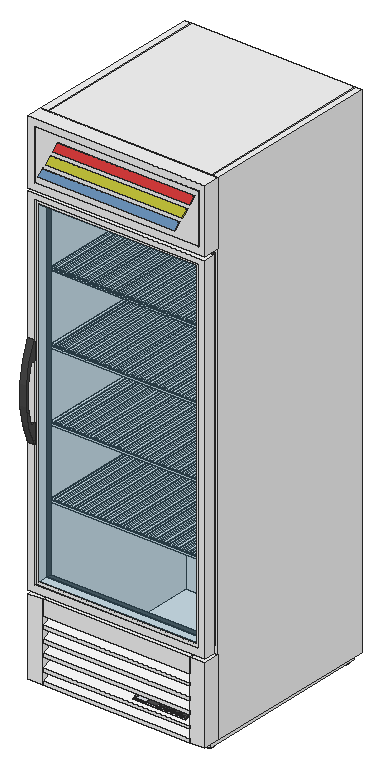
Revit family "QF_TRUE_GDM-23F-HC~TSL01", category Specialty Equipment, Revit 2016 (continued)
Definition of nested family "CASTER-LEGS"
  Nested families (in)
    nested 4: "6 Inches Leg & Caster" at (0, 0, 0), Show Casters <- "Show 6" Casters", type "6 Inches Leg & Caster"
      with Type Mark "", Status "", Specification by User "", Show Casters yes, Revision Code "", Item Number "", Installed By "", Identify Quantity as Lot yes, Furnished By "", Foodservice Equipment Identifier yes
    nested 5: "C2.5" at (0, -0.86941, 0), 2.5 Inches Caster <- "Show 2.5 Casters", type "C2.5"
      with Type Mark "", Status "", Specification by User "", Revision Code "", Item Number "", Installed By "", Identify Quantity as Lot yes, Furnished By "", Foodservice Equipment Identifier yes, 2.5 Inches Caster yes
  Definition of nested family "PITCO_5 INCHES CASTER"
    Parameters (values of type "PITCO_5 INCHES CASTER")
      Weight = ""
      URL Manufacturer = ""
      URL Cutsheet = ""
      URL = ""
      Type Mark [instance] = ""
      Status [instance] = ""
      Specification by User [instance] = ""
      Specification by Manufacturer = ""
      Show Casters [instance] = yes
      Rubber = none
      Chrome = none
      Serial Number = ""
      Seismic Rating = ""
      SMACNA No = ""
      Revision Code [instance] = ""
      Omniclass Number and Title = ""
      NAFEM Spec ID Number = ""
      Model = ""
      MasterSpec. = ""
      Manufacturer = ""
      Item Number [instance] = ""
      Installed By [instance] = ""
      Identify Quantity as Lot [instance] = yes
      Furnished By [instance] = ""
      Foodservice Equipment Identifier [instance] = yes
      Description = ""
      CSI MasterFormat = ""
      CSI Master Format = ""
      Assembly Code = ""
    Reference planes (in)
      plane 1: z = 0
      plane 2 "RIGHT": x = 0
      plane 3 "FRONT": y = 0
      plane 4 "TOP": z = 5
      plane 5: z = 5.0625
    Forms (in)
      Revolve 1, solid, visible <- "Show Casters"
        sketch origin (-180, 1.0625, -34.67466) x (0, 0, -1) y (-1, 0, 0)
          loop
            line (-34.67466, -180.64009) -> (-34.67466, -179.35991) -> (-35.17466, -179.35991) -> (-35.17466, -179.48491) -> (-35.42466, -179.48491) -> (-35.42466, -179.64009) -> (-36.48519, -179.60306) -> (-36.48519, -178.85852) -> (-36.5316, -178.85852) -> (-36.5316, -178.71719) -> (-36.70591, -178.71719) -> (-36.70591, -181.28281) -> (-36.5316, -181.28281) -> (-36.5316, -181.14148) -> (-36.48519, -181.14148) -> (-36.48519, -180.39694) -> (-35.42466, -180.35991) -> (-35.42466, -180.51509) -> (-35.17466, -180.51509) -> (-35.17466, -180.64009) -> (-34.67466, -180.64009)
          axis (-36.70591, -181.28281) -> (-36.70591, -178.71719)
        angle from 0 to 360
      Extrusion 2, solid, visible <- "Show Casters"
        sketch origin (0, 0, -1.11142) x (0, -1, 0) y (1, 0, 0)
          loop
            circle (0, 0) r 1.5
        from 5.61142 to 6.17392
      Extrusion 3, solid, visible <- "Show Casters"
        sketch origin (0, 0, 0.289) x (0, -1, 0) y (0, 0, 1)
          loop
            arc (0.91808, 3.59427) -> (1.13645, 3.7909) -> (1.42156, 3.86198) r 0.60732
            line (1.42156, 3.86198) -> (1.46208, 3.86198) -> (1.43155, 4.211) -> (-1.43155, 4.211)
            arc (-1.43155, 4.211) -> (-1.62474, 4.13098) -> (-1.70476, 3.93778) r 0.27322
            line (-1.70476, 3.93778) -> (-1.70476, 3.78861) -> (-1.76351, 2.11371) -> (-1.82446, 1.68005)
            arc (-1.82446, 1.68005) -> (-1.73191, 1.41127) -> (-1.46007, 1.32816) r 0.31307
            line (-1.46007, 1.32816) -> (-0.60834, 1.47835)
            arc (-0.60834, 1.47835) -> (-0.50841, 1.51771) -> (-0.43181, 1.59299) r 0.26936
            line (-0.43181, 1.59299) -> (0.91808, 3.59427)
        from 0.84601 to 1.05998
      Extrusion 4, solid, visible <- "Show Casters"
        sketch origin (0, 0, -0.82242) x (0, -1, 0) y (0, 0, -1)
          loop
            line (1.43155, -5.32242) -> (1.46208, -4.9734) -> (1.42156, -4.9734)
            arc (1.42156, -4.9734) -> (1.13645, -4.90232) -> (0.91808, -4.70569) r 0.60732
            line (0.91808, -4.70569) -> (-0.43181, -2.70441)
            arc (-0.43181, -2.70441) -> (-0.50841, -2.62913) -> (-0.60834, -2.58977) r 0.26936
            line (-0.60834, -2.58977) -> (-1.46007, -2.43958)
            arc (-1.46007, -2.43958) -> (-1.73191, -2.52269) -> (-1.82446, -2.79147) r 0.31307
            line (-1.82446, -2.79147) -> (-1.76351, -3.22513) -> (-1.70476, -4.90003) -> (-1.70476, -5.0492)
            arc (-1.70476, -5.0492) -> (-1.62474, -5.2424) -> (-1.43155, -5.32242) r 0.27322
            line (-1.43155, -5.32242) -> (1.43155, -5.32242)
        from 0.84601 to 1.05998
      Extrusion 5, solid, visible <- "Show Casters"
        sketch origin (-0.84601, 0, 0.289) x (0, 1, 0) y (0, 0, 1)
          loop
            line (1.43155, 4.211) -> (-1.43155, 4.211) -> (-1.46208, 3.86198) -> (-1.42156, 3.86198)
            arc (-1.42156, 3.86198) -> (-1.13645, 3.7909) -> (-0.91808, 3.59427) r 0.60732
            arc (-0.91808, 3.59427) -> (0.37927, 3.88135) -> (1.70476, 3.78861) r 4.63574
            line (1.70476, 3.78861) -> (1.70476, 3.93778)
            arc (1.70476, 3.93778) -> (1.62474, 4.13098) -> (1.43155, 4.211) r 0.27322
        from 0 to 1.69203
    Cuts and joins
      joined: Extrusion 3, Extrusion 4, Extrusion 5
    Lines and regions (in)
      symbolic lines, visible <- "Show Casters"
        curve 1: line (0.70901, 2.6399, 0) -> (1.79507, 2.01286, 0)
        curve 2: line (-1.79099, -1.69023, 0) -> (0.70901, 2.6399, 0)
        curve 3: line (-0.70493, -2.31727, 0) -> (-1.79099, -1.69023, 0)
        curve 4: line (1.79507, 2.01286, 0) -> (-0.70493, -2.31727, 0)
    Dimensions and locks (in)
      plane 4 "TOP" to level = 5"  (x2)
      plane 5 to level = 5 1/16"
      aligned and locked: level to plane 1
  Definition of nested family "2.13"
    Parameters
      Weight = ""
      URL Manufacturer = ""
      URL Cutsheet = ""
      URL = ""
      Type Mark [instance] = ""
      Status [instance] = ""
      Specification by User [instance] = ""
      Specification by Manufacturer = ""
      Serial Number = ""
      Seismic Rating = ""
      SMACNA No = ""
      Revision Code [instance] = ""
      Omniclass Number and Title = ""
      NAFEM Spec ID Number = ""
      Model = ""
      MasterSpec. = ""
      Manufacturer = ""
      Item Number [instance] = ""
      Installed By [instance] = ""
      Identify Quantity as Lot [instance] = yes
      Furnished By [instance] = ""
      Foodservice Equipment Identifier [instance] = yes
      Description = ""
      CSI MasterFormat = ""
      CSI Master Format = ""
      Assembly Code = ""
      2.5 Inches Caster [instance] = yes
    Reference planes (in)
      plane 1: z = 0
      plane 2 "RIGHT": x = 0
      plane 3 "FRONT": y = 0
      plane 4 "TOP": z = 2.125
    Forms (in)
      Revolve 1, solid, visible <- "2.5 Inches Caster"
        sketch origin (-1.93794, 0.83816, -1.0041) x (1, 0, 0) y (0, 0, 1)
          loop
            line (0.74055, 1.76972) -> (0.74055, 1.69422) -> (0.79055, 1.64422) -> (0.85055, 1.64422) -> (0.85055, 1.52415) -> (1.235, 1.52415) -> (1.235, 1.4568) -> (1.38673, 1.3692) -> (1.4003, 1.28535) -> (1.34375, 1.28535) -> (1.34375, 1.16035) -> (1.375, 1.16035) -> (1.375, 1.0041) -> (1.87544, 1.0041) -> (1.87544, 1.52415) -> (2.00044, 1.52415) -> (2.00044, 1.0041) -> (2.48438, 1.0041) -> (2.48438, 1.16035) -> (2.51563, 1.16035) -> (2.51563, 1.28535) -> (2.45908, 1.28535) -> (2.47322, 1.37272) -> (2.62438, 1.45999) -> (2.62438, 1.52415) -> (3.04007, 1.52415) -> (3.04007, 1.64422) -> (3.10007, 1.64422) -> (3.15007, 1.69422) -> (3.15007, 1.76972) -> (0.74055, 1.76972)
          axis (0.74055, 1.76972) -> (3.15007, 1.76972)
        angle from 0 to 360
      Extrusion 2, solid, visible <- "2.5 Inches Caster"
        sketch origin (-1.93794, 1.80294, -3.6291) x (0, 1, 0) y (0, 0, 1)
          loop
            line (-0.64294, 5.43229) -> (-0.64294, 5.55298) -> (-2.21294, 5.55298) -> (-2.21294, 5.30272) -> (-1.81966, 5.30272)
            arc (-1.81966, 5.30272) -> (-1.13638, 5.20789) -> (-0.46376, 5.05475) r 8.02767
            arc (-0.46376, 5.05475) -> (-0.19511, 4.95469) -> (0.05138, 4.80832) r 1.60049
            line (0.05138, 4.80832) -> (0.12713, 4.91318)
            arc (0.12713, 4.91318) -> (-0.07255, 5.06376) -> (-0.29048, 5.18644) r 1.8753
            line (-0.29048, 5.18644) -> (-0.22239, 5.30423)
            arc (-0.22239, 5.30423) -> (-0.42776, 5.38437) -> (-0.64294, 5.43229) r 1.44292
        from 1.17357 to 2.70231
      Revolve 3, solid, visible <- "2.5 Inches Caster"
        sketch origin (0, 2.10856, -4.125) x (0, 1, 0) y (0, 0, 1)
          loop
            line (-1.73858, 6.25) -> (-1.73858, 6.04889) -> (-1.05793, 6.04889) -> (-1.05793, 6.25) -> (-1.73858, 6.25)
          axis (-1.73858, 6.04889) -> (-1.73858, 6.25)
        angle from 0 to 360
      Extrusion 4, solid, visible <- "2.5 Inches Caster"
        sketch origin (-1.98481, 1.80294, -2.1291) x (0, 1, 0) y (0, 0, 1)
          loop
            line (-2.21294, 4.05298) -> (-2.21294, 3.80272) -> (-2.13999, 3.80272)
            arc (-2.13999, 3.80272) -> (-1.62379, 3.51899) -> (-1.39241, 2.97729) r 0.90292
            arc (-1.39241, 2.97729) -> (-1.36136, 2.78161) -> (-1.29729, 2.59413) r 1.15385
            arc (-1.29729, 2.59413) -> (-0.94802, 2.37355) -> (-0.6121, 2.61396) r 0.37001
            arc (-0.6121, 2.61396) -> (-0.59625, 2.66241) -> (-0.58446, 2.712) r 0.61695
            arc (-0.58446, 2.712) -> (-0.36134, 3.11665) -> (0.05609, 3.31484) r 0.75313
            line (0.05609, 3.31484) -> (0.12713, 3.41318)
            arc (0.12713, 3.41318) -> (-0.07255, 3.56376) -> (-0.29048, 3.68644) r 1.8753
            line (-0.29048, 3.68644) -> (-0.22239, 3.80423)
            arc (-0.22239, 3.80423) -> (-0.42776, 3.88437) -> (-0.64294, 3.93229) r 1.44292
            line (-0.64294, 3.93229) -> (-0.64294, 4.05298) -> (-2.21294, 4.05298)
        from 2.74918 to 2.90825
      Extrusion 5, solid, visible <- "2.5 Inches Caster"
        sketch origin (1.98481, 1.80294, -2.1291) x (0, 1, 0) y (0, 0, -1)
          loop
            line (-2.21294, -4.05298) -> (-0.64294, -4.05298) -> (-0.64294, -3.93229)
            arc (-0.64294, -3.93229) -> (-0.42776, -3.88437) -> (-0.22239, -3.80423) r 1.44292
            line (-0.22239, -3.80423) -> (-0.29048, -3.68644)
            arc (-0.29048, -3.68644) -> (-0.07255, -3.56376) -> (0.12713, -3.41318) r 1.8753
            line (0.12713, -3.41318) -> (0.05609, -3.31484)
            arc (0.05609, -3.31484) -> (-0.36134, -3.11665) -> (-0.58446, -2.712) r 0.75313
            arc (-0.58446, -2.712) -> (-0.59625, -2.66241) -> (-0.6121, -2.61396) r 0.61695
            arc (-0.6121, -2.61396) -> (-0.94802, -2.37355) -> (-1.29729, -2.59413) r 0.37001
            arc (-1.29729, -2.59413) -> (-1.36136, -2.78161) -> (-1.39241, -2.97729) r 1.15385
            arc (-1.39241, -2.97729) -> (-1.62379, -3.51899) -> (-2.13999, -3.80272) r 0.90292
            line (-2.13999, -3.80272) -> (-2.21294, -3.80272) -> (-2.21294, -4.05298)
        from 2.74918 to 2.90825
    Lines and regions (in)
      symbolic lines, visible <- "2.5 Inches Caster"
        curve 1: line (0.10651, 1.27186, 0) -> (0.80944, 0.86603, 0)
        curve 2: line (-0.89349, -0.46019, 0) -> (0.10651, 1.27186, 0)
        curve 3: line (-0.19056, -0.86603, 0) -> (-0.89349, -0.46019, 0)
        curve 4: line (0.80944, 0.86603, 0) -> (-0.19056, -0.86603, 0)
    Dimensions and locks (in)
      plane 4 "TOP" to level = 2 1/8"  (x2)
      aligned and locked: level to plane 1
  Definition of nested family "C4"
    Parameters
      Weight = ""
      URL Manufacturer = ""
      URL Cutsheet = ""
      URL = ""
      Type Mark [instance] = ""
      Specification by User [instance] = ""
      Specification by Manufacturer = ""
      Show 4 Inches Casters [instance] = yes
      Serial Number = ""
      Seismic Rating = ""
      SMACNA No = ""
      Revision Code [instance] = ""
      Omniclass Number and Title = ""
      NAFEM Spec ID Number = ""
      Model = ""
      MasterSpec. = ""
      Manufacturer = ""
      Item Number [instance] = ""
      Installed By [instance] = ""
      Identify Quantity as Lot [instance] = yes
      Furnished By [instance] = ""
      Foodservice Equipment Identifier [instance] = yes
      Description = ""
      CSI MasterFormat = ""
      CSI Master Format = ""
      Assembly Code = ""
    Reference planes (in)
      plane 1: z = 0
      plane 2 "RIGHT": x = 0
      plane 3 "FRONT": y = 0
      plane 4 "TOP": z = 4
    Forms (in)
      Revolve 1, solid, visible <- "Show 4 Inches Casters"
        sketch origin (-1.93794, 0.83816, -1.0041) x (1, 0, 0) y (0, 0, 1)
          loop
            line (0.74055, 2.5041) -> (3.15007, 2.5041) -> (3.15007, 2.5796) -> (3.10007, 2.6296) -> (3.04007, 2.6296) -> (3.04007, 2.74967) -> (2.62438, 2.74967) -> (2.62438, 2.93884) -> (2.48438, 3.01967) -> (2.45908, 3.17597) -> (2.51563, 3.17597) -> (2.51563, 3.41035) -> (2.48438, 3.41035) -> (2.48438, 4.0041) -> (1.375, 4.0041) -> (1.375, 3.41035) -> (1.34375, 3.41035) -> (1.34375, 3.17597) -> (1.4003, 3.17597) -> (1.37557, 3.02318) -> (1.235, 2.94202) -> (1.235, 2.74967) -> (0.85055, 2.74967) -> (0.85055, 2.6296) -> (0.79055, 2.6296) -> (0.74055, 2.5796) -> (0.74055, 2.5041)
          axis (0.74055, 2.5041) -> (3.15007, 2.5041)
        angle from 0 to 360
      Extrusion 2, solid, visible <- "Show 4 Inches Casters"
        sketch origin (-1.93794, 1.80294, -1.7541) x (0, 1, 0) y (0, 0, 1)
          loop
            line (-3.08794, 5.33423) -> (-3.08794, 5.00584) -> (-2.69466, 5.00584)
            arc (-2.69466, 5.00584) -> (-1.57175, 4.94895) -> (-0.46376, 4.75787) r 9.36411
            arc (-0.46376, 4.75787) -> (-0.05889, 4.58436) -> (0.28335, 4.30705) r 1.60049
            line (0.28335, 4.30705) -> (0.34449, 4.39437)
            arc (0.34449, 4.39437) -> (0.12713, 4.6163) -> (-0.1239, 4.79931) r 1.8753
            line (-0.1239, 4.79931) -> (-0.05749, 4.91421)
            arc (-0.05749, 4.91421) -> (-0.33807, 5.05694) -> (-0.64294, 5.13542) r 1.44292
            line (-0.64294, 5.13542) -> (-0.64294, 5.33423) -> (-3.08794, 5.33423)
        from 1.1267 to 2.74918
      Revolve 3, solid, visible <- "Show 4 Inches Casters"
        sketch origin (0, 2.15543, -2.25) x (0, 1, 0) y (0, 0, 1)
          loop
            line (-2.21793, 6.25) -> (-2.21793, 5.83014) -> (-1.05793, 5.83014) -> (-1.05793, 6.25) -> (-2.21793, 6.25)
          axis (-2.21793, 5.83014) -> (-2.21793, 6.25)
        angle from 0 to 360
      Extrusion 4, solid, visible <- "Show 4 Inches Casters"
        sketch origin (-1.93794, 1.80294, -1.7541) x (0, 1, 0) y (0, 0, 1)
          loop
            line (-3.08794, 5.33423) -> (-3.08794, 5.00584) -> (-2.8913, 5.00584)
            arc (-2.8913, 5.00584) -> (-2.09118, 4.14057) -> (-1.45681, 3.14736) r 6.63355
            arc (-1.45681, 3.14736) -> (-0.85703, 2.75969) -> (-0.4561, 3.35069) r 0.5107
            arc (-0.4561, 3.35069) -> (-0.27092, 3.92503) -> (0.24034, 4.24562) r 0.88136
            line (0.24034, 4.24562) -> (0.34449, 4.39437)
            arc (0.34449, 4.39437) -> (0.12713, 4.6163) -> (-0.1239, 4.79931) r 1.8753
            line (-0.1239, 4.79931) -> (-0.05749, 4.91421)
            arc (-0.05749, 4.91421) -> (-0.33807, 5.05694) -> (-0.64294, 5.13542) r 1.44292
            line (-0.64294, 5.13542) -> (-0.64294, 5.33423) -> (-3.08794, 5.33423)
        from 2.74918 to 2.90825
      Extrusion 5, solid, visible <- "Show 4 Inches Casters"
        sketch origin (1.93794, 1.80294, -1.7541) x (0, 1, 0) y (0, 0, -1)
          loop
            line (-3.08794, -5.33423) -> (-0.64294, -5.33423) -> (-0.64294, -5.13542)
            arc (-0.64294, -5.13542) -> (-0.33807, -5.05694) -> (-0.05749, -4.91421) r 1.44292
            line (-0.05749, -4.91421) -> (-0.1239, -4.79931)
            arc (-0.1239, -4.79931) -> (0.12713, -4.6163) -> (0.34449, -4.39437) r 1.8753
            line (0.34449, -4.39437) -> (0.24034, -4.24562)
            arc (0.24034, -4.24562) -> (-0.27092, -3.92503) -> (-0.4561, -3.35069) r 0.88136
            arc (-0.4561, -3.35069) -> (-0.85703, -2.75969) -> (-1.45681, -3.14736) r 0.5107
            arc (-1.45681, -3.14736) -> (-2.09118, -4.14057) -> (-2.8913, -5.00584) r 6.63355
            line (-2.8913, -5.00584) -> (-3.08794, -5.00584) -> (-3.08794, -5.33423)
        from 2.74918 to 2.90825
    Cuts and joins
      joined: Extrusion 2, Extrusion 4, Extrusion 5
    Lines and regions (in)
      symbolic lines, visible <- "Show 4 Inches Casters"
        curve 1: line (0.28481, 1.83041, 0) -> (1.24556, 1.27572, 0)
        curve 2: line (-1.26206, -0.84886, 0) -> (0.28481, 1.83041, 0)
        curve 3: line (-0.30132, -1.40355, 0) -> (-1.26206, -0.84886, 0)
        curve 4: line (1.24556, 1.27572, 0) -> (-0.30132, -1.40355, 0)
    Dimensions and locks (in)
      plane 4 "TOP" to level = 4"  (x2)
      aligned and locked: level to plane 1
  Definition of nested family "6 Inches Leg & Caster"
    Parameters
      Weight = ""
      URL Manufacturer = ""
      URL Cutsheet = ""
      URL = ""
      Type Mark [instance] = ""
      Status [instance] = ""
      Specification by User [instance] = ""
      Specification by Manufacturer = ""
      Show Casters [instance] = yes
      Serial Number = ""
      Seismic Rating = ""
      SMACNA No = ""
      Revision Code [instance] = ""
      Omniclass Number and Title = ""
      NAFEM Spec ID Number = ""
      Model = ""
      MasterSpec. = ""
      Manufacturer = ""
      Item Number [instance] = ""
      Installed By [instance] = ""
      Identify Quantity as Lot [instance] = yes
      Furnished By [instance] = ""
      Foodservice Equipment Identifier [instance] = yes
      Description = ""
      CSI MasterFormat = ""
      CSI Master Format = ""
    Reference planes (in)
      plane 1 "BACK": y = 0
      plane 2: z = 0
      plane 3 "LEFT": x = 0
      plane 4 "RIGHT": x = 0
      plane 5 "FRONT": y = 0
      plane 6 "TOP": z = 6.25
    Forms (in)
      Revolve 1, solid, visible <- "Show Casters"
        sketch origin (-2.21793, 0, -0.25) x (-1, 0, 0) y (0, 0, 1)
          loop
            line (-2.21793, 6) -> (-2.21793, 5.55584) -> (-0.93693, 5.55584) -> (-0.93693, 6) -> (-2.21793, 6)
          axis (-2.21793, 5.55584) -> (-2.21793, 6)
        angle from 0 to 360
      Extrusion 2, solid, visible <- "Show Casters"
        sketch origin (0.25594, 2.21793, -0.1875) x (0, 1, 0) y (0, 0, 1)
          loop
            line (-3.37793, 5.49334) -> (-3.37793, 5.24334) -> (-1.63015, 2.08504)
            arc (-1.63015, 2.08504) -> (-0.63555, 1.74359) -> (-0.1951, 2.69848) r 0.78437
            line (-0.1951, 2.69848) -> (-1.06726, 5.49334) -> (-3.37793, 5.49334)
        from 0.78968 to 0.90247
      Extrusion 3, solid, visible <- "Show Casters"
        sketch origin (0, 0, 5.75) x (0, 1, 0) y (-1, 0, 0)
          loop
            circle (0, 0) r 0.75
        from 0 to 0.5
      Extrusion 4, solid, visible <- "Show Casters"
        sketch origin (-0.25594, 2.21793, -0.1875) x (0, 1, 0) y (0, 0, -1)
          loop
            line (-3.37793, -5.49334) -> (-1.06726, -5.49334) -> (-0.1951, -2.69848)
            arc (-0.1951, -2.69848) -> (-0.63555, -1.74359) -> (-1.63015, -2.08504) r 0.78437
            line (-1.63015, -2.08504) -> (-3.37793, -5.24334) -> (-3.37793, -5.49334)
        from 0.78968 to 0.90247
      Extrusion 5, solid, visible <- "Show Casters"
        sketch origin (0, 0, 0.75) x (0, 1, 0) y (0, 0, 1)
          loop
            line (-1.16, 4.55584) -> (-1.16, 4.30584) -> (1.15067, 4.30584) -> (1.15067, 4.55584) -> (-1.16, 4.55584)
        from -1.04562 to 1.04562
      Revolve 6, solid, visible <- "Show Casters"
        sketch origin (-1.9375, 1.23015, -0.12802) x (1, 0, 0) y (0, 0, 1)
          loop
            line (0.5843, 2.5041) -> (0.5843, 2.3661) -> (0.6343, 2.3161) -> (0.6943, 2.3161) -> (0.6943, 2.1804) -> (1.1725, 2.1804) -> (1.1725, 1.78493) -> (1.31307, 1.70377) -> (1.42647, 1.00302) -> (1.28125, 1.00302) -> (1.28125, 0.75302) -> (1.3125, 0.75302) -> (1.3125, 0.50302)
            arc (1.3125, 0.50302) -> (1.42233, 0.23785) -> (1.6875, 0.12802) r 0.375
            line (1.6875, 0.12802) -> (2.1875, 0.12802)
            arc (2.1875, 0.12802) -> (2.45267, 0.23785) -> (2.5625, 0.50302) r 0.375
            line (2.5625, 0.50302) -> (2.5625, 0.75302) -> (2.59375, 0.75302) -> (2.59375, 1.00302) -> (2.44853, 1.00302) -> (2.5625, 1.70728) -> (2.7025, 1.78811) -> (2.7025, 2.1804) -> (3.1807, 2.1804) -> (3.1807, 2.3161) -> (3.2407, 2.3161) -> (3.2907, 2.3661) -> (3.2907, 2.5041) -> (0.5843, 2.5041)
          axis (0.5843, 2.5041) -> (3.2907, 2.5041)
        angle from 0 to 360
    Cuts and joins
      joined: Extrusion 2, Extrusion 4, Extrusion 5
    Lines and regions (in)
      symbolic lines, visible <- "Show Casters"
        curve 1: line (0.46086, 2.04455, 0) -> (1.54339, 1.41955, 0)
        curve 2: line (-1.53914, -1.41955, 0) -> (0.46086, 2.04455, 0)
        curve 3: line (-0.45661, -2.04455, 0) -> (-1.53914, -1.41955, 0)
        curve 4: line (1.54339, 1.41955, 0) -> (-0.45661, -2.04455, 0)
    Dimensions and locks (in)
      plane 6 "TOP" to level = 6 1/4"  (x2)
      aligned and locked: level to plane 2
  Definition of nested family "C2.5"
    Parameters
      Weight = ""
      URL Manufacturer = ""
      URL Cutsheet = ""
      URL = ""
      Type Mark [instance] = ""
      Status [instance] = ""
      Specification by User [instance] = ""
      Specification by Manufacturer = ""
      Serial Number = ""
      Seismic Rating = ""
      SMACNA No = ""
      Revision Code [instance] = ""
      Omniclass Number and Title = ""
      NAFEM Spec ID Number = ""
      Model = ""
      MasterSpec. = ""
      Manufacturer = ""
      Item Number [instance] = ""
      Installed By [instance] = ""
      Identify Quantity as Lot [instance] = yes
      Furnished By [instance] = ""
      Foodservice Equipment Identifier [instance] = yes
      Description = ""
      CSI MasterFormat = ""
      CSI Master Format = ""
      Assembly Code = ""
      2.5 Inches Caster [instance] = yes
    Reference planes (in)
      plane 1: z = 0
      plane 2 "RIGHT": x = 0
      plane 3 "FRONT": y = 0
      plane 4 "TOP": z = 2.5
    Forms (in)
      Revolve 1, solid, visible <- "2.5 Inches Caster"
        sketch origin (-1.93794, 0.83816, -1.0041) x (1, 0, 0) y (0, 0, 1)
          loop
            line (0.74055, 1.92597) -> (0.74055, 1.85047) -> (0.79055, 1.80047) -> (0.85055, 1.80047) -> (0.85055, 1.6804) -> (1.235, 1.6804) -> (1.235, 1.61305) -> (1.38673, 1.52545) -> (1.4003, 1.4416) -> (1.34375, 1.4416) -> (1.34375, 1.3166) -> (1.375, 1.3166) -> (1.375, 1.0041) -> (2.48438, 1.0041) -> (2.48438, 1.3166) -> (2.51563, 1.3166) -> (2.51563, 1.4416) -> (2.45908, 1.4416) -> (2.47322, 1.52897) -> (2.62438, 1.61624) -> (2.62438, 1.6804) -> (3.04007, 1.6804) -> (3.04007, 1.80047) -> (3.10007, 1.80047) -> (3.15007, 1.85047) -> (3.15007, 1.92597) -> (0.74055, 1.92597)
          axis (0.74055, 1.92597) -> (3.15007, 1.92597)
        angle from 0 to 360
      Extrusion 2, solid, visible <- "2.5 Inches Caster"
        sketch origin (-1.93794, 1.80294, -3.2541) x (0, 1, 0) y (0, 0, 1)
          loop
            line (-0.64294, 5.43229) -> (-0.64294, 5.55298) -> (-2.21294, 5.55298) -> (-2.21294, 5.30272) -> (-1.81966, 5.30272)
            arc (-1.81966, 5.30272) -> (-1.13638, 5.20789) -> (-0.46376, 5.05475) r 8.02767
            arc (-0.46376, 5.05475) -> (-0.19511, 4.95469) -> (0.05138, 4.80832) r 1.60049
            line (0.05138, 4.80832) -> (0.12713, 4.91318)
            arc (0.12713, 4.91318) -> (-0.07255, 5.06376) -> (-0.29048, 5.18644) r 1.8753
            line (-0.29048, 5.18644) -> (-0.22239, 5.30423)
            arc (-0.22239, 5.30423) -> (-0.42776, 5.38437) -> (-0.64294, 5.43229) r 1.44292
        from 1.17357 to 2.70231
      Revolve 3, solid, visible <- "2.5 Inches Caster"
        sketch origin (0, 2.10856, -3.75) x (0, 1, 0) y (0, 0, 1)
          loop
            line (-1.73858, 6.25) -> (-1.73858, 6.04889) -> (-1.05793, 6.04889) -> (-1.05793, 6.25) -> (-1.73858, 6.25)
          axis (-1.73858, 6.04889) -> (-1.73858, 6.25)
        angle from 0 to 360
      Extrusion 4, solid, visible <- "2.5 Inches Caster"
        sketch origin (-1.98481, 1.80294, -1.7541) x (0, 1, 0) y (0, 0, 1)
          loop
            line (-2.21294, 4.05298) -> (-2.21294, 3.80272) -> (-2.13999, 3.80272)
            arc (-2.13999, 3.80272) -> (-1.62379, 3.51899) -> (-1.39241, 2.97729) r 0.90292
            arc (-1.39241, 2.97729) -> (-1.36136, 2.78161) -> (-1.29729, 2.59413) r 1.15385
            arc (-1.29729, 2.59413) -> (-0.94802, 2.37355) -> (-0.6121, 2.61396) r 0.37001
            arc (-0.6121, 2.61396) -> (-0.59625, 2.66241) -> (-0.58446, 2.712) r 0.61695
            arc (-0.58446, 2.712) -> (-0.36134, 3.11665) -> (0.05609, 3.31484) r 0.75313
            line (0.05609, 3.31484) -> (0.12713, 3.41318)
            arc (0.12713, 3.41318) -> (-0.07255, 3.56376) -> (-0.29048, 3.68644) r 1.8753
            line (-0.29048, 3.68644) -> (-0.22239, 3.80423)
            arc (-0.22239, 3.80423) -> (-0.42776, 3.88437) -> (-0.64294, 3.93229) r 1.44292
            line (-0.64294, 3.93229) -> (-0.64294, 4.05298) -> (-2.21294, 4.05298)
        from 2.74918 to 2.90825
      Extrusion 5, solid, visible <- "2.5 Inches Caster"
        sketch origin (1.98481, 1.80294, -1.7541) x (0, 1, 0) y (0, 0, -1)
          loop
            line (-2.21294, -4.05298) -> (-0.64294, -4.05298) -> (-0.64294, -3.93229)
            arc (-0.64294, -3.93229) -> (-0.42776, -3.88437) -> (-0.22239, -3.80423) r 1.44292
            line (-0.22239, -3.80423) -> (-0.29048, -3.68644)
            arc (-0.29048, -3.68644) -> (-0.07255, -3.56376) -> (0.12713, -3.41318) r 1.8753
            line (0.12713, -3.41318) -> (0.05609, -3.31484)
            arc (0.05609, -3.31484) -> (-0.36134, -3.11665) -> (-0.58446, -2.712) r 0.75313
            arc (-0.58446, -2.712) -> (-0.59625, -2.66241) -> (-0.6121, -2.61396) r 0.61695
            arc (-0.6121, -2.61396) -> (-0.94802, -2.37355) -> (-1.29729, -2.59413) r 0.37001
            arc (-1.29729, -2.59413) -> (-1.36136, -2.78161) -> (-1.39241, -2.97729) r 1.15385
            arc (-1.39241, -2.97729) -> (-1.62379, -3.51899) -> (-2.13999, -3.80272) r 0.90292
            line (-2.13999, -3.80272) -> (-2.21294, -3.80272) -> (-2.21294, -4.05298)
        from 2.74918 to 2.90825
    Lines and regions (in)
      symbolic lines, visible <- "2.5 Inches Caster"
        curve 1: line (0.10651, 1.96132, 0) -> (0.80944, 1.55548, 0)
        curve 2: line (-0.89349, 0.22927, 0) -> (0.10651, 1.96132, 0)
        curve 3: line (-0.19056, -0.17657, 0) -> (-0.89349, 0.22927, 0)
        curve 4: line (0.80944, 1.55548, 0) -> (-0.19056, -0.17657, 0)
    Dimensions and locks (in)
      plane 4 "TOP" to level = 2 1/2"  (x2)
      aligned and locked: level to plane 1
